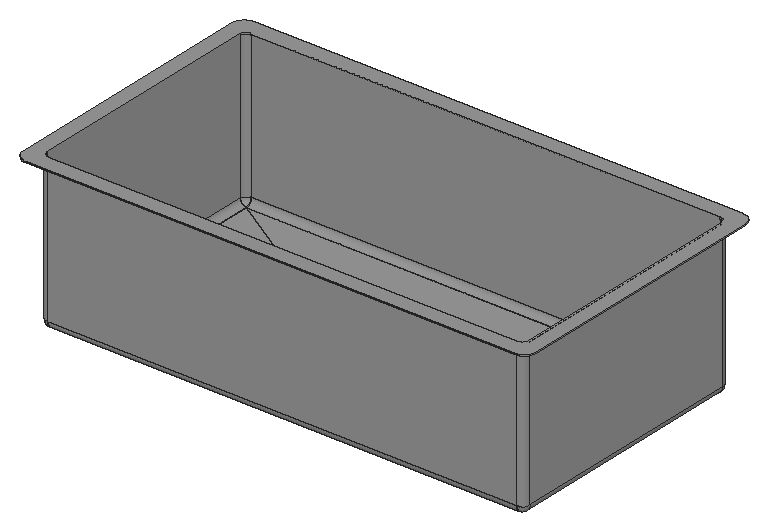
Revit family "BUILDMAT-SNGM007-Marissa-810-Gunmetal", category Plumbing Fixtures, host Face, Revit 2020
Family settings
  Host = Face
  Round Connector Dimension = Use Diameter
  Part Type = Normal
  Cut with Voids When Loaded = No
  Shared = No
  Room Calculation Point = No
Parameters (values of type "Marissa 810x450x250mm")
  Width = 760.0 mm
  Undermount [instance] = 0.0 mm
  URL = "https://www.buildmat.com.au/products/810x450x230-single-bowl-sink"
  Side Sound Pad = yes
  Side Brackets = yes
  Model = "SNA01007"  # constant formula
  Middle Sound Pad = no
  Middle Bracket = yes
  Manufacturer URL = "https://www.buildmat.com.au/"
  Manufacturer = "BUILDMAT"  # constant formula
  Length = 400.0 mm
  Description = "BUILDMAT - Marissa 810x450 XLarge Single Bowl Sink"  # constant formula
  Depth = 250.0 mm
  Default Elevation = 1219.2 mm
  Created By URL = "https://www.buildmat.com.au/"
  Created By = "BUILDMAT"  # constant formula
  Created = "22.06.2022"  # constant formula
  Material = BUILDMAT Gunmetal
Reference planes
  plane 1 "Center (Front/Back)": y = 0
  plane 2: z = 0
  plane 3 "Center (Left/Right)": x = 0
  plane 4 "Top Substrate": z = 0
  plane 5 "Left": x = -380
  plane 6 "Right": x = 380
  plane 7 "Back": y = 200
  plane 8 "Front": y = -200
  plane 9: x = -405
  plane 10: x = 405
  plane 11: y = -225
  plane 12: y = 225
  plane 13 "Bottom Void": z = -250
  plane 14: z = 1.5
  plane 15: x = -381.5
  plane 16: y = -201.5
  plane 17: x = 381.5
  plane 18: y = 201.5
  plane 19: z = -240
  plane 20: z = -230
  plane 21: x = -370
  plane 22: x = 370
  plane 23: y = -190
  plane 24: y = 190
  plane 25: z = -245
  plane 26: z = -241.5
  plane 27: z = -246.5
  plane 28: x = -100
  plane 29: x = 100
  plane 30 "Sound Pad": z = -130
  plane 31 "Front Bracket": y = -100
  plane 32 "Back Bracket": y = 100
  plane 33: x = -280
  plane 34: x = 280
  plane 35: x = -57
  plane 36: x = 57
  plane 37: x = -45
  plane 38: x = 45
Forms (mm)
  Extrusion 1, void
    sketch origin (0, 0, 0) x (1, 0, 0) y (0, 1, 0)
      loop
        arc (-370, 200) -> (-377.071, 197.071) -> (-380, 190) r 10
        line (-380, 190) -> (-380, -190)
        arc (-380, -190) -> (-377.071, -197.071) -> (-370, -200) r 10
        line (-370, -200) -> (370, -200)
        arc (370, -200) -> (377.071, -197.071) -> (380, -190) r 10
        line (380, -190) -> (380, 190)
        arc (380, 190) -> (377.071, 197.071) -> (370, 200) r 10
        line (370, 200) -> (-370, 200)
    from 0 to 1.5
  Extrusion 2, void
    sketch origin (0, 0, 0) x (1, 0, 0) y (0, 1, 0)
      loop
        line (-381.5, 201.5) -> (-381.5, -201.5) -> (381.5, -201.5) -> (381.5, 201.5) -> (-381.5, 201.5)
    from 0 to -250
  Extrusion 3, void
    sketch origin (0, 0, 0) x (1, 0, 0) y (0, 1, 0)
      loop
        arc (-385, 225) -> (-399.142, 219.142) -> (-405, 205) r 20
        line (-405, 205) -> (-405, -205)
        arc (-405, -205) -> (-399.142, -219.142) -> (-385, -225) r 20
        line (-385, -225) -> (385, -225)
        arc (385, -225) -> (399.142, -219.142) -> (405, -205) r 20
        line (405, -205) -> (405, 205)
        arc (405, 205) -> (399.142, 219.142) -> (385, 225) r 20
        line (385, 225) -> (-385, 225)
    from 1.5 to 0
  Extrusion 4, solid, material "BUILDMAT Gunmetal" <- "Material"
    sketch origin (0, 0, 0) x (-1, 0, 0) y (0, -1, 0)
      loop
        arc (385, -225) -> (399.142, -219.142) -> (405, -205) r 20
        line (405, -205) -> (405, 205)
        arc (405, 205) -> (399.142, 219.142) -> (385, 225) r 20
        line (385, 225) -> (-385, 225)
        arc (-385, 225) -> (-399.142, 219.142) -> (-405, 205) r 20
        line (-405, 205) -> (-405, -205)
        arc (-405, -205) -> (-399.142, -219.142) -> (-385, -225) r 20
        line (-385, -225) -> (385, -225)
      loop
        arc (370, -200) -> (377.071, -197.071) -> (380, -190) r 10
        line (380, -190) -> (380, 190)
        arc (380, 190) -> (377.071, 197.071) -> (370, 200) r 10
        line (370, 200) -> (-370, 200)
        arc (-370, 200) -> (-377.071, 197.071) -> (-380, 190) r 10
        line (-380, 190) -> (-380, -190)
        arc (-380, -190) -> (-377.071, -197.071) -> (-370, -200) r 10
        line (-370, -200) -> (370, -200)
    from 0 to 1.5
  Extrusion 5, solid, material "BUILDMAT Gunmetal" <- "Material"
    sketch origin (0, 0, 0) x (-1, 0, 0) y (0, -1, 0)
      loop
        arc (370, -201.5) -> (378.132, -198.132) -> (381.5, -190) r 11.5
        line (381.5, -190) -> (381.5, 190)
        arc (381.5, 190) -> (378.132, 198.132) -> (370, 201.5) r 11.5
        line (370, 201.5) -> (-370, 201.5)
        arc (-370, 201.5) -> (-378.132, 198.132) -> (-381.5, 190) r 11.5
        line (-381.5, 190) -> (-381.5, -190)
        arc (-381.5, -190) -> (-378.132, -198.132) -> (-370, -201.5) r 11.5
        line (-370, -201.5) -> (370, -201.5)
      loop
        arc (-370, 200) -> (-377.071, 197.071) -> (-380, 190) r 10
        line (-380, 190) -> (-380, -190)
        arc (-380, -190) -> (-377.071, -197.071) -> (-370, -200) r 10
        line (-370, -200) -> (370, -200)
        arc (370, -200) -> (377.071, -197.071) -> (380, -190) r 10
        line (380, -190) -> (380, 190)
        arc (380, 190) -> (377.071, 197.071) -> (370, 200) r 10
        line (370, 200) -> (-370, 200)
    from 0 to -230
  Revolve 6, solid, material "BUILDMAT Gunmetal" <- "Material"
    sketch origin (-175.162, 190, 1219.2) x (-1, 0, 0) y (0, 0, 1)
      loop
        line (-555.162, -1449.2) -> (-556.662, -1449.2)
        arc (-556.662, -1449.2) -> (-553.293, -1457.332) -> (-545.162, -1460.7) r 11.5
        line (-545.162, -1460.7) -> (-545.162, -1459.2)
        arc (-545.162, -1459.2) -> (-552.233, -1456.271) -> (-555.162, -1449.2) r 10
      axis (-545.162, -1460.7) -> (-545.162, -1449.2)
    angle from 0 to -90
  Revolve 7, solid, material "BUILDMAT Gunmetal" <- "Material"
    sketch origin (-175.162, 190, 1219.2) x (-1, 0, 0) y (0, 0, 1)
      loop
        arc (204.838, -1449.2) -> (201.909, -1456.271) -> (194.838, -1459.2) r 10
        line (194.838, -1459.2) -> (194.838, -1460.7)
        arc (194.838, -1460.7) -> (202.97, -1457.332) -> (206.338, -1449.2) r 11.5
        line (206.338, -1449.2) -> (204.838, -1449.2)
      axis (194.838, -1449.2) -> (194.838, -1460.7)
    angle from 0 to -90
  Revolve 8, solid, material "BUILDMAT Gunmetal" <- "Material"
    sketch origin (-175.162, -190, 1219.2) x (-1, 0, 0) y (0, 0, 1)
      loop
        arc (204.838, -1449.2) -> (201.909, -1456.271) -> (194.838, -1459.2) r 10
        line (194.838, -1459.2) -> (194.838, -1460.7)
        arc (194.838, -1460.7) -> (202.97, -1457.332) -> (206.338, -1449.2) r 11.5
        line (206.338, -1449.2) -> (204.838, -1449.2)
      axis (194.838, -1449.2) -> (194.838, -1460.7)
    angle from 0 to 90
  Revolve 9, solid, material "BUILDMAT Gunmetal" <- "Material"
    sketch origin (-175.162, -190, 1219.2) x (-1, 0, 0) y (0, 0, 1)
      loop
        line (-555.162, -1449.2) -> (-556.662, -1449.2)
        arc (-556.662, -1449.2) -> (-553.293, -1457.332) -> (-545.162, -1460.7) r 11.5
        line (-545.162, -1460.7) -> (-545.162, -1459.2)
        arc (-545.162, -1459.2) -> (-552.233, -1456.271) -> (-555.162, -1449.2) r 10
      axis (-545.162, -1449.2) -> (-545.162, -1460.7)
    angle from 0 to 90
  Extrusion 10, solid, material "BUILDMAT Gunmetal" <- "Material"
    sketch origin (0, 0, 0) x (1, 0, 0) y (0, 0, 1)
      loop
        line (-380, -230) -> (-381.5, -230)
        arc (-381.5, -230) -> (-378.132, -238.132) -> (-370, -241.5) r 11.5
        line (-370, -241.5) -> (-370, -240)
        arc (-370, -240) -> (-377.071, -237.071) -> (-380, -230) r 10
    from -190 to 190
  Extrusion 11, solid, material "BUILDMAT Gunmetal" <- "Material"
    sketch origin (0, 0, 0) x (1, 0, 0) y (0, 0, 1)
      loop
        arc (380, -230) -> (377.071, -237.071) -> (370, -240) r 10
        line (370, -240) -> (370, -241.5)
        arc (370, -241.5) -> (378.132, -238.132) -> (381.5, -230) r 11.5
        line (381.5, -230) -> (380, -230)
    from -190 to 190
  Extrusion 12, solid, material "BUILDMAT Gunmetal" <- "Material"
    sketch origin (0, 0, 0) x (0, 1, 0) y (0, 0, 1)
      loop
        arc (200, -230) -> (197.071, -237.071) -> (190, -240) r 10
        line (190, -240) -> (190, -241.5)
        arc (190, -241.5) -> (198.132, -238.132) -> (201.5, -230) r 11.5
        line (201.5, -230) -> (200, -230)
    from -370 to 370
  Extrusion 13, solid, material "BUILDMAT Gunmetal" <- "Material"
    sketch origin (0, 0, 0) x (0, 1, 0) y (0, 0, 1)
      loop
        line (-200, -230) -> (-201.5, -230)
        arc (-201.5, -230) -> (-198.132, -238.132) -> (-190, -241.5) r 11.5
        line (-190, -241.5) -> (-190, -240)
        arc (-190, -240) -> (-197.071, -237.071) -> (-200, -230) r 10
    from -370 to 370
  Revolve 14, solid, material "BUILDMAT Gunmetal" <- "Material"
    sketch origin (0, 0, 0) x (1, 0, 0) y (0, 0, 1)
      loop
        line (-45, -250) -> (-45, -248.5)
        spline (-45, -248.5) -> (-46.484, -248.459) -> (-47.939, -248.339) -> (-49.337, -248.141) -> (-50.649, -247.871) -> (-51.848, -247.537) -> (-52.908, -247.151) -> (-53.805, -246.726) -> (-54.514, -246.283) -> (-55.023, -245.856) -> (-55.329, -245.483) -> (-55.468, -245.202) -> (-55.5, -245)
        line (-55.5, -245) -> (-57, -245)
        spline (-57, -245) -> (-56.897, -245.653) -> (-56.591, -246.294) -> (-56.087, -246.913) -> (-55.392, -247.5) -> (-54.52, -248.044) -> (-53.485, -248.536) -> (-52.305, -248.967) -> (-51, -249.33) -> (-49.592, -249.619) -> (-48.106, -249.83) -> (-46.566, -249.957) -> (-45, -250)
      axis (0, -245) -> (0, -250)
    angle from 0 to 360
  Blend 15, solid, material "BUILDMAT Gunmetal" <- "Material"
    base sketch origin (0, 0, 0) x (-1, 0, 0) y (0, -1, 0)
      loop
        circle (0, 0) r 57
    top sketch origin (0, 0, 0) x (-1, 0, 0) y (0, -1, 0)
      loop
        line (370, -190) -> (370, 190) -> (-370, 190) -> (-370, -190) -> (370, -190)
    from -246.5 to -241.5
  Blend 16, void
    base sketch origin (0, 0, 0) x (-1, 0, 0) y (0, -1, 0)
      loop
        circle (0, 0) r 57
    top sketch origin (0, 0, 0) x (-1, 0, 0) y (0, -1, 0)
      loop
        line (370, -190) -> (370, 190) -> (-370, 190) -> (-370, -190) -> (370, -190)
    from -245 to -240
  Extrusion 17, solid, material "BUILDMAT Gunmetal" <- "Material"
    sketch origin (0, 0, 0) x (-1, 0, 0) y (0, -1, 0)
      loop
        line (370, -190) -> (370, 190) -> (-370, 190) -> (-370, -190) -> (370, -190)
    from -241.5 to -240
  Extrusion 18, void
    sketch origin (0, 0, 0) x (-1, 0, 0) y (0, -1, 0)
      loop
        circle (0, 0) r 57
    from -250 to -230
Cuts and joins
  joined: Extrusion 4, Extrusion 5
  joined: Revolve 6, Revolve 9
  joined: Revolve 7, Revolve 8
  Blend 16, Extrusion 18 cuts Blend 15
  Blend 16, Extrusion 18 cuts Extrusion 17
  joined: Blend 15, Extrusion 17
Lines and regions (mm)
  Masking region 1
    outline origin (0, 0, 0) x (1, 0, 0) y (0, 0, 1)
      loop
        line (380, 0) -> (-380, 0) -> (-380, -230)
        arc (-380, -230) -> (-377.071, -237.071) -> (-370, -240) r 10
        line (-370, -240) -> (-57, -245) -> (57, -245) -> (370, -240)
        arc (370, -240) -> (377.071, -237.071) -> (380, -230) r 10
        line (380, -230) -> (380, 0)
  Masking region 2
    outline origin (0, 0, 0) x (1, 0, 0) y (0, 0, 1)
      loop
        line (-100, -245.813) -> (-100, -250) -> (-57, -250) -> (-57, -246.5) -> (-100, -245.813)
  Masking region 3
    outline origin (0, 0, 0) x (1, 0, 0) y (0, 0, 1)
      loop
        line (57, -246.5) -> (57, -250) -> (100, -250) -> (100, -245.813) -> (57, -246.5)
Text (mm)
  text "Refer to www.buildmat.com.au for the most current product literature. \nAllow a +/- 5mm tolerance for dimensions shown in the product literature. \nPlease note product details are subject to change due to ongoing product development." at (0.056, -1035.857, 0), in view "Ref. Level"
Dimensions and locks
  "Undermount": plane 2 to plane 4 "Top Substrate"
  equal spacing: plane 5 "Left", plane 3 "Center (Left/Right)", plane 6 "Right"
  "Width": plane 5 "Left" to plane 6 "Right"
  "Length": plane 7 "Back" to plane 8 "Front"
  equal spacing: plane 7 "Back", plane 1 "Center (Front/Back)", plane 8 "Front"
  locked: plane 12 to plane 7 "Back" at 25
  locked: plane 8 "Front" to plane 11 at 25
  locked: plane 9 to plane 5 "Left" at 25
  locked: plane 6 "Right" to plane 10 at 25
  "Depth": plane 4 "Top Substrate" to plane 13 "Bottom Void"
  locked: plane 14 to plane 4 "Top Substrate" at 1.5
  locked: plane 18 to plane 7 "Back" at 1.5
  locked: plane 8 "Front" to plane 16 at 1.5
  plane 15 to plane 5 "Left" = 1.5 mm
  plane 6 "Right" to plane 17 = 1.5 mm
  plane 20 to plane 19 to plane 13 "Bottom Void" = 10.0 mm, 10.0 mm
  locked: plane 5 "Left" to plane 21 at 10
  locked: plane 22 to plane 6 "Right" at 10
  locked: plane 7 "Back" to plane 24 at 10
  locked: plane 23 to plane 8 "Front" at 10
  locked: plane 19 to plane 26 at 1.5
  locked: plane 25 to plane 13 "Bottom Void" at 5
  locked: plane 25 to plane 27 at 1.5
  plane 29 to plane 3 "Center (Left/Right)" to plane 28 = 100.0 mm locked, 100.0 mm locked
  locked: plane 30 "Sound Pad" to plane 13 "Bottom Void" at 120
  locked: plane 7 "Back" to plane 32 "Back Bracket" at 100
  locked: plane 31 "Front Bracket" to plane 8 "Front" at 100
  locked: plane 33 to plane 5 "Left" at 100
  locked: plane 6 "Right" to plane 34 at 100
  equal spacing: plane 3 "Center (Left/Right)", nested 15, plane 33
  equal spacing: plane 34, nested 16, plane 3 "Center (Left/Right)"
  plane 37 to plane 3 "Center (Left/Right)" to plane 38 = 45.0 mm locked, 45.0 mm locked
  plane 35 to plane 3 "Center (Left/Right)" to plane 36 = 57.0 mm locked, 57.0 mm locked
  aligned and locked: plane 2 to host face
  aligned and locked: level to host face
  aligned and locked: plane 8 "Front" to Extrusion 1 sketch curve
  aligned and locked: Extrusion 1 sketch curve to plane 7 "Back"
  aligned and locked: plane 5 "Left" to Extrusion 1 sketch curve
  aligned and locked: Extrusion 1 sketch curve to plane 6 "Right"
  aligned and locked: plane 2 to Extrusion 1
  aligned and locked: plane 14 to Extrusion 1
  aligned and locked: Extrusion 2 sketch curve to plane 16
  aligned and locked: Extrusion 2 sketch curve to plane 18
  aligned and locked: plane 15 to Extrusion 2 sketch curve
  aligned and locked: plane 17 to Extrusion 2 sketch curve
  aligned and locked: Extrusion 2 to plane 13 "Bottom Void"
  aligned and locked: plane 4 "Top Substrate" to Extrusion 2
  aligned and locked: Extrusion 3 sketch curve to plane 11
  aligned and locked: plane 9 to Extrusion 3 sketch curve
  aligned and locked: Extrusion 3 sketch curve to plane 10
  aligned and locked: Extrusion 3 sketch curve to plane 12
  aligned and locked: Extrusion 3 to plane 4 "Top Substrate"
  aligned and locked: Extrusion 3 to plane 14
  aligned and locked: Extrusion 4 sketch curve to plane 11
  aligned and locked: Extrusion 4 sketch curve to plane 12
  aligned and locked: plane 9 to Extrusion 4 sketch curve
  aligned and locked: Extrusion 4 sketch curve to plane 10
  aligned and locked: plane 5 "Left" to Extrusion 4 sketch curve
  aligned and locked: Extrusion 4 sketch curve to plane 6 "Right"
  aligned and locked: Extrusion 4 sketch curve to plane 7 "Back"
  aligned and locked: plane 8 "Front" to Extrusion 4 sketch curve
  aligned and locked: Extrusion 5 sketch curve to plane 7 "Back"
  aligned and locked: plane 5 "Left" to Extrusion 5 sketch curve
  aligned and locked: Extrusion 5 sketch curve to plane 6 "Right"
  aligned and locked: plane 8 "Front" to Extrusion 5 sketch curve
  aligned and locked: plane 15 to Extrusion 5 sketch curve
  aligned and locked: Extrusion 5 sketch curve to plane 16
  aligned and locked: plane 17 to Extrusion 5 sketch curve
  aligned and locked: Extrusion 5 sketch curve to plane 18
  aligned and locked: Extrusion 5 to plane 20
  aligned and locked: plane 4 "Top Substrate" to Extrusion 5
  aligned and locked: Extrusion 11 to plane 23
  aligned and locked: plane 24 to Extrusion 11
  aligned and locked: plane 24 to Extrusion 10
  aligned and locked: Extrusion 10 to plane 23
  aligned and locked: Extrusion 13 to plane 21
  aligned and locked: plane 22 to Extrusion 13
  aligned and locked: plane 22 to Extrusion 12
  aligned and locked: Extrusion 12 to plane 21
  aligned and locked: plane 21 to Blend 15 sketch curve
  aligned and locked: Blend 15 sketch curve to plane 22
  aligned and locked: Blend 15 sketch curve to plane 23
  aligned and locked: Blend 15 sketch curve to plane 24
  aligned and locked: plane 27 to Blend 15
  aligned and locked: Blend 15 to plane 26
  aligned and locked: Blend 16 sketch curve to plane 24
  aligned and locked: plane 21 to Blend 16 sketch curve
  aligned and locked: Blend 16 sketch curve to plane 22
  aligned and locked: Blend 16 sketch curve to plane 23
  aligned and locked: Blend 16 to plane 25
  aligned and locked: Blend 16 to plane 19
  aligned and locked: Extrusion 17 sketch curve to plane 24
  aligned and locked: Extrusion 17 sketch curve to plane 23
  aligned and locked: plane 21 to Extrusion 17 sketch curve
  aligned and locked: Extrusion 17 sketch curve to plane 22
  aligned and locked: Extrusion 17 to plane 26
  aligned and locked: Extrusion 17 to plane 19
  aligned and locked: Extrusion 18 to plane 13 "Bottom Void"
  aligned and locked: plane 20 to Extrusion 18
  aligned and locked: cut or joined group of Blend 15, Blend 16, Extrusion 17, Extrusion 18 to Masking region 2 sketch curve
  aligned and locked: Masking region 3 sketch curve to cut or joined group of Blend 15, Blend 16, Extrusion 17, Extrusion 18
  aligned and locked: plane 3 "Center (Left/Right)" to nested 1
  aligned and locked: nested 1 to plane 4 "Top Substrate"
  aligned and locked: plane 3 "Center (Left/Right)" to nested 2
  aligned and locked: nested 2 to plane 30 "Sound Pad"
  aligned and locked: nested 3 to plane 18
  aligned and locked: plane 3 "Center (Left/Right)" to nested 3
  aligned and locked: plane 16 to nested 4
  aligned and locked: nested 4 to plane 3 "Center (Left/Right)"
  aligned and locked: plane 31 "Front Bracket" to nested 6
  aligned and locked: plane 15 to nested 6
  aligned and locked: plane 31 "Front Bracket" to nested 8
  aligned and locked: plane 17 to nested 8
  aligned and locked: plane 32 "Back Bracket" to nested 7
  aligned and locked: plane 17 to nested 7
  aligned and locked: plane 32 "Back Bracket" to nested 5
  aligned and locked: plane 15 to nested 5
  aligned and locked: nested 9 to plane 4 "Top Substrate"
  aligned and locked: nested 9 to plane 33
  aligned and locked: nested 10 to plane 4 "Top Substrate"
  aligned and locked: nested 10 to plane 34
  aligned and locked: nested 13 to plane 33
  aligned and locked: nested 14 to plane 34
  aligned and locked: plane 16 to nested 13
  aligned and locked: nested 14 to plane 16
  aligned and locked: plane 33 to nested 11
  aligned and locked: nested 11 to plane 18
  aligned and locked: plane 34 to nested 12
  aligned and locked: plane 18 to nested 12
  aligned and locked: nested 15 to plane 30 "Sound Pad"
  aligned and locked: nested 16 to plane 30 "Sound Pad"
  aligned and locked: nested 17 to plane 23
  aligned and locked: nested 17 to plane 24
  aligned and locked: plane 22 to nested 17
  aligned and locked: plane 21 to nested 17
  aligned and locked: plane 3 "Center (Left/Right)" to nested 18
  aligned and locked: plane 1 "Center (Front/Back)" to nested 18
  aligned and locked: plane 4 "Top Substrate" to Masking region 1
Automatic sketch dimensions
  host sketch curve to host sketch curve = 2438.4 mm  (x2)
  plane 5 "Left" to Extrusion 1 sketch curve = 10.0 mm  (x2)
  Extrusion 1 sketch curve to plane 6 "Right" = 10.0 mm  (x2)
  Extrusion 4 sketch curve to plane 10 = 20.0 mm  (x2)
  Extrusion 4 sketch curve to Extrusion 4 sketch curve = 10.0 mm  (x2)
  plane 5 "Left" to Extrusion 4 sketch curve = 10.0 mm
  plane 9 to Extrusion 4 sketch curve = 20.0 mm
  plane 8 "Front" to Extrusion 4 sketch curve = 10.0 mm
  plane 11 to Extrusion 4 sketch curve = 20.0 mm
  Extrusion 3 sketch curve to plane 5 "Left" = 5.0 mm
  plane 6 "Right" to Extrusion 3 sketch curve = 5.0 mm  (x2)
  plane 7 "Back" to Extrusion 3 sketch curve = 5.0 mm
  plane 5 "Left" to Extrusion 5 sketch curve = 10.0 mm
  Extrusion 5 sketch curve to plane 6 "Right" = 10.0 mm
  plane 8 "Front" to Extrusion 5 sketch curve = 10.0 mm
  Extrusion 5 sketch curve to plane 7 "Back" = 10.0 mm
  Extrusion 5 sketch curve to Extrusion 5 sketch curve = 0.0 mm  (x4)
  Revolve 6 sketch curve to Revolve 6 sketch curve = 0.0 mm  (x3)
  plane 17 to Revolve 6 sketch curve = 0.0 mm
  Revolve 6 sketch curve to plane 6 "Right" = 0.0 mm
  Revolve 6 sketch curve to plane 22 = 0.0 mm  (x2)
  Revolve 6 sketch curve to plane 19 = 0.0 mm
  Revolve 6 sketch curve to plane 20 = 0.0 mm
  Revolve 7 sketch curve to Revolve 7 sketch curve = 0.0 mm  (x3)
  Revolve 7 sketch curve to plane 20 = 0.0 mm  (x2)
  Revolve 7 sketch curve to plane 21 = 0.0 mm  (x2)
  Revolve 7 sketch curve to plane 5 "Left" = 0.0 mm
  Revolve 7 sketch curve to plane 15 = 0.0 mm
  Revolve 8 sketch curve to Revolve 8 sketch curve = 0.0 mm  (x3)
  Revolve 8 sketch curve to plane 20 = 0.0 mm  (x2)
  Revolve 8 sketch curve to plane 21 = 0.0 mm  (x2)
  Revolve 8 sketch curve to plane 5 "Left" = 0.0 mm
  Revolve 8 sketch curve to plane 15 = 0.0 mm
  Revolve 9 sketch curve to Revolve 9 sketch curve = 0.0 mm  (x3)
  plane 17 to Revolve 9 sketch curve = 0.0 mm
  Revolve 9 sketch curve to plane 6 "Right" = 0.0 mm
  Revolve 9 sketch curve to plane 22 = 0.0 mm  (x2)
  Revolve 9 sketch curve to plane 20 = 0.0 mm
  Revolve 9 sketch curve to plane 19 = 0.0 mm
  Extrusion 10 sketch curve to plane 15 = 0.0 mm
  Extrusion 10 sketch curve to plane 5 "Left" = 0.0 mm
  Extrusion 10 sketch curve to plane 19 = 0.0 mm
  Extrusion 10 sketch curve to plane 21 = 0.0 mm
  Extrusion 11 sketch curve to plane 20 = 0.0 mm
  Extrusion 11 sketch curve to plane 22 = 0.0 mm
  Extrusion 11 sketch curve to plane 6 "Right" = 0.0 mm
  plane 17 to Extrusion 11 sketch curve = 0.0 mm
  Extrusion 12 sketch curve to plane 20 = 0.0 mm
  Extrusion 12 sketch curve to plane 24 = 0.0 mm
  Extrusion 12 sketch curve to plane 7 "Back" = 0.0 mm
  Extrusion 12 sketch curve to plane 18 = 0.0 mm
  Extrusion 13 sketch curve to plane 16 = 0.0 mm
  Extrusion 13 sketch curve to plane 8 "Front" = 0.0 mm
  Extrusion 13 sketch curve to plane 23 = 0.0 mm
  Extrusion 13 sketch curve to plane 19 = 0.0 mm
  Revolve 14 sketch curve to plane 25 = 0.0 mm
  Revolve 14 sketch curve to plane 13 "Bottom Void" = 0.0 mm  (x2)
  Revolve 14 sketch curve to plane 3 "Center (Left/Right)" = 0.0 mm
  Revolve 14 sketch curve to plane 20 = 0.0 mm
  Revolve 14 sketch curve to plane 3 "Center (Left/Right)" = 45.0 mm
  Revolve 14 sketch curve to Revolve 14 sketch curve = 10.5 mm
  Revolve 14 sketch curve to Revolve 14 sketch curve = 1.5 mm  (x2)
  Revolve 14 sketch curve to Revolve 14 sketch curve = 0.0 mm
  plane 1 "Center (Front/Back)" to Blend 15 sketch curve = 0.0 mm
  Blend 15 sketch curve to plane 3 "Center (Left/Right)" = 0.0 mm
  plane 1 "Center (Front/Back)" to Blend 16 sketch curve = 0.0 mm
  Blend 16 sketch curve to plane 3 "Center (Left/Right)" = 0.0 mm
  plane 1 "Center (Front/Back)" to Extrusion 18 sketch curve = 0.0 mm
  Extrusion 18 sketch curve to plane 3 "Center (Left/Right)" = 0.0 mm
  Masking region 1 sketch curve to level = 0.0 mm
  Masking region 1 sketch curve to plane 20 = 0.0 mm
  Masking region 1 sketch curve to plane 21 = 0.0 mm
  Masking region 1 sketch curve to plane 25 = 0.0 mm
  Masking region 1 sketch curve to plane 3 "Center (Left/Right)" = 57.0 mm
  plane 3 "Center (Left/Right)" to Masking region 1 sketch curve = 57.0 mm
  Masking region 1 sketch curve to plane 19 = 0.0 mm
  Masking region 1 sketch curve to plane 22 = 0.0 mm
  Masking region 1 sketch curve to plane 6 "Right" = 0.0 mm
  Masking region 1 sketch curve to plane 5 "Left" = 0.0 mm
  Masking region 2 sketch curve to plane 28 = 0.0 mm
  Masking region 2 sketch curve to plane 13 "Bottom Void" = 0.0 mm
  Masking region 2 sketch curve to plane 27 = 0.0 mm
  Masking region 3 sketch curve to plane 27 = 0.0 mm
  Masking region 3 sketch curve to plane 13 "Bottom Void" = 0.0 mm
  Masking region 3 sketch curve to plane 29 = 0.0 mm
  radius of Blend 15 sketch curve = 57.0 mm
  radius of Blend 16 sketch curve = 57.0 mm
  radius of Extrusion 18 sketch curve = 57.0 mm
Nested families
  nested 1: "TMB_Front" at (0, 0, 0) x (1, 0, 0) z (0, -1, 0), visible <- "Middle Bracket", type "TMB_Front"
  nested 2: "SP_Front" at (0, 0, -130) x (1, 0, 0) z (0, -1, 0), visible <- "Middle Sound Pad", type "SP_Front"
  nested 3: "TMB_Plan" at (0, 201.5, 0), visible <- "Middle Bracket", type "TMB_Plan"
  nested 4: "TMB_Plan" at (0, -201.5, 0) x (-1, 0, 0) z (0, 0, 1), visible <- "Middle Bracket", type "TMB_Plan"
  nested 5: "TMB_Plan" at (-381.5, 100, 0) x (0, 1, 0) z (0, 0, 1), type "TMB_Plan"
  nested 6: "TMB_Plan" at (-381.5, -100, 0) x (0, 1, 0) z (0, 0, 1), type "TMB_Plan"
  nested 7: "TMB_Plan" at (381.5, 100, 0) x (0, -1, 0) z (0, 0, 1), type "TMB_Plan"
  nested 8: "TMB_Plan" at (381.5, -100, 0) x (0, -1, 0) z (0, 0, 1), type "TMB_Plan"
  nested 9: "TMB_Front" at (-280, 0, 0) x (1, 0, 0) z (0, -1, 0), visible <- "Side Brackets", type "TMB_Front"
  nested 10: "TMB_Front" at (280, 0, 0) x (1, 0, 0) z (0, -1, 0), visible <- "Side Brackets", type "TMB_Front"
  nested 11: "TMB_Plan" at (-280, 201.5, 0), visible <- "Side Brackets", type "TMB_Plan"
  nested 12: "TMB_Plan" at (280, 201.5, 0), visible <- "Side Brackets", type "TMB_Plan"
  nested 13: "TMB_Plan" at (-280, -201.5, 0) x (-1, 0, 0) z (0, 0, 1), visible <- "Side Brackets", type "TMB_Plan"
  nested 14: "TMB_Plan" at (280, -201.5, 0) x (-1, 0, 0) z (0, 0, 1), visible <- "Side Brackets", type "TMB_Plan"
  nested 15: "SP_Front" at (-140, 0, -130) x (1, 0, 0) z (0, -1, 0), visible <- "Side Sound Pad", type "SP_Front"
  nested 16: "SP_Front" at (140, 0, -130) x (1, 0, 0) z (0, -1, 0), visible <- "Side Sound Pad", type "SP_Front"
  nested 17: "BOWL Plan" at (0, 0, -130), type "BOWL Plan"
    with Width 740.0 mm, Lenght 380.0 mm
  nested 18: "DRAIN" at (0, 0, 0), type "DRAIN"
Definition of nested family "TMB_Front"
  Reference planes
    plane 1 "Center (Elevation)": y = 0
    plane 2: z = 0
    plane 3 "Center (Left/Right)": x = 0
  Lines and regions (mm)
    Masking region 1, in view "Ref. Level"
      outline origin (0, 0, 0) x (1, 0, 0) y (0, 1, 0)
        loop
          line (-17.5, 0) -> (-17.5, -80) -> (17.5, -80) -> (17.5, 0) -> (-17.5, 0)
    detail lines, in view "Ref. Level"
      curve 1: line (-17.5, 0, 0) -> (-17.5, -80, 0)
      curve 2: line (-17.5, -80, 0) -> (17.5, -80, 0)
      curve 3: line (17.5, -80, 0) -> (17.5, 0, 0)
      curve 4: line (-12.5, -50, 0) -> (12.5, -50, 0)
      curve 5: line (-12.5, -75, 0) -> (-12.5, -50, 0)
      curve 6: line (12.5, -75, 0) -> (-12.5, -75, 0)
      curve 7: line (12.5, -50, 0) -> (12.5, -75, 0)
Definition of nested family "SP_Front"
  Reference planes
    plane 1 "Center (Elevation)": y = 0
    plane 2: z = 0
    plane 3 "Center (Left/Right)": x = 0
  Lines and regions (mm)
    Masking region 1, in view "Ref. Level"
      outline origin (0, 0, 0) x (1, 0, 0) y (0, 1, 0)
        loop
          arc (-50, 40) -> (-57.071, 37.071) -> (-60, 30) r 10
          line (-60, 30) -> (-60, -30)
          arc (-60, -30) -> (-57.071, -37.071) -> (-50, -40) r 10
          line (-50, -40) -> (50, -40)
          arc (50, -40) -> (57.071, -37.071) -> (60, -30) r 10
          line (60, -30) -> (60, 30)
          arc (60, 30) -> (57.071, 37.071) -> (50, 40) r 10
          line (50, 40) -> (-50, 40)
    detail lines, in view "Ref. Level"
      curve 1: line (-50, 40, 0) -> (50, 40, 0)
      curve 2: line (50, -40, 0) -> (-50, -40, 0)
      curve 3: line (60, 30, 0) -> (60, -30, 0)
      curve 4: line (-60, 30, 0) -> (-60, -30, 0)
      curve 5: arc (-50, 40, 0) -> (-57.071, 37.071, 0) -> (-60, 30, 0) r 10
      curve 6: arc (-60, -30, 0) -> (-57.071, -37.071, 0) -> (-50, -40, 0) r 10
      curve 7: arc (50, -40, 0) -> (57.071, -37.071, 0) -> (60, -30, 0) r 10
      curve 8: arc (60, 30, 0) -> (57.071, 37.071, 0) -> (50, 40, 0) r 10
  Dimensions and locks
    aligned and locked: Masking region 1 sketch curve to curve 1
    aligned and locked: Masking region 1 sketch curve to curve 4
    aligned and locked: Masking region 1 sketch curve to curve 2
    aligned and locked: Masking region 1 sketch curve to curve 3
Definition of nested family "TMB_Plan"
  Reference planes
    plane 1 "Center (Front/Back)": y = 0
    plane 2: z = 0
    plane 3 "Center (Left/Right)": x = 0
  Lines and regions (mm)
    detail lines, in view "Ref. Level"
      curve 1: line (-17.5, 0, 0) -> (17.5, 0, 0)
      curve 2: line (17.5, 0, 0) -> (17.5, 5, 0)
      curve 3: line (17.5, 5, 0) -> (12.5, 5, 0)
      curve 4: line (-17.5, 0, 0) -> (-17.5, 5, 0)
      curve 5: line (-17.5, 5, 0) -> (-12.5, 5, 0)
Definition of nested family "BOWL Plan"
  Parameters (values of type "BOWL Plan")
    Width [instance] = 600.0 mm
    Lenght [instance] = 400.0 mm
  Reference planes
    plane 1 "Center (Front/Back)": y = 0
    plane 2: z = 0
    plane 3 "Center (Left/Right)": x = 0
    plane 4 "Left": x = -300
    plane 5 "Right": x = 300
    plane 6 "Back": y = 200
    plane 7 "Front": y = -200
  Lines and regions (mm)
    Masking region 1, in view "Ref. Level"
      outline origin (0, 0, 0) x (1, 0, 0) y (0, 1, 0)
        loop
          line (-300, 200) -> (-300, -200) -> (300, -200) -> (300, 200) -> (-300, 200)
    detail lines, in view "Ref. Level"
      curve 1: line (-300, 200, 0) -> (300, -200, 0)
      curve 2: line (-300, -200, 0) -> (300, 200, 0)
  Dimensions and locks
    equal spacing: plane 6 "Back", plane 1 "Center (Front/Back)", plane 7 "Front"
    "Lenght": plane 6 "Back" to plane 7 "Front"
    equal spacing: plane 4 "Left", plane 3 "Center (Left/Right)", plane 5 "Right"
    "Width": plane 4 "Left" to plane 5 "Right"
    aligned and locked: plane 4 "Left" to Masking region 1 sketch curve
    aligned and locked: Masking region 1 sketch curve to plane 5 "Right"
    aligned and locked: plane 7 "Front" to Masking region 1 sketch curve
    aligned and locked: Masking region 1 sketch curve to plane 6 "Back"
  Automatic sketch dimensions
    curve 2 to plane 4 "Left" = 0.0 mm
    curve 1 to plane 4 "Left" = 0.0 mm
    curve 2 to plane 5 "Right" = 0.0 mm
    curve 1 to plane 5 "Right" = 0.0 mm
    curve 1 to plane 7 "Front" = 0.0 mm
    curve 2 to plane 7 "Front" = 0.0 mm
    curve 2 to plane 6 "Back" = 0.0 mm
    curve 1 to plane 6 "Back" = 0.0 mm
Definition of nested family "DRAIN"
  Reference planes
    plane 1 "Center (Front/Back)": y = 0
    plane 2: z = 0
    plane 3 "Center (Left/Right)": x = 0
  Lines and regions (mm)
    Masking region 1, in view "Ref. Level"
      outline origin (0, 0, 0) x (1, 0, 0) y (0, 1, 0)
        loop
          circle (0, 0) r 57
    detail lines, in view "Ref. Level"
      curve 1: circle (0, 0, 0) r 45 normal (0, 0, 1)
      curve 2: circle (0, 0, 0) r 55.5 normal (0, 0, 1)
